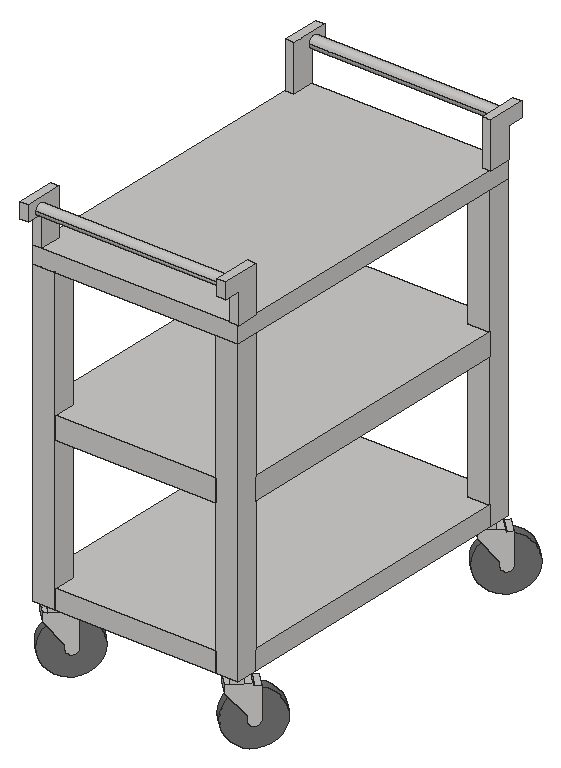
Revit family "QF_Vollrath_97112", category Specialty Equipment, Revit 2016
Family settings
  Part Type = Normal
  Round Connector Dimension = Use Diameter
  OmniClass Number = 23.40.40.14.17
  OmniClass Title = Food Cooking Equipment
  Work Plane-Based = No
  Always vertical = Yes
  Cut with Voids When Loaded = No
  Shared = No
  Room Calculation Point = No
Parameters (values of type "97112")
  Width [instance] = 18.50"
  Weight in Pounds = 47.5
  Watermarked By = "http://revitwatermark.com"
  URL Cutsheet = ""
  URL = ""
  Status [instance] = ""
  Specification by User [instance] = ""
  Specification by Manufacturer [instance] = ""
  Serial Number [instance] = ""
  Seismic Rating [instance] = ""
  Revision Code [instance] = ""
  NAFEM Spec ID Number [instance] = ""
  Model = "97112"
  Masterspec = ""
  Manufacturer = "Vollrath"
  Item Number [instance] = "-"
  Installed By [instance] = ""
  Identify Quantity as Lot [instance] = no
  Furnished By [instance] = ""
  Foodservice Equipment Identifier [instance] = yes
  Description = "Cart, Utility"
  Depth [instance] = 39.25"
  CSI MasterFormat = "11 48 13"
  Assembly Code = "E1090320"
Reference planes (in)
  plane 1 "BACK": y = -4.62
  plane 2: z = 0
  plane 3 "LEFT": x = 0
  plane 4 "RIGHT": x = 18.5
  plane 5 "FRONT": y = -35.12
  plane 6: z = 6
  plane 7: z = 7.75
  plane 8: x = 2
  plane 9: y = -6.62
  plane 10: x = 16.5
  plane 11: y = -33.12
  plane 12: y = -19.87
  plane 13: z = 39
  plane 14: x = 0.75
  plane 15: y = -3.15217
  plane 16: y = -36.58783
  plane 17: z = 19.76
  plane 18: z = 21.76
  plane 19: z = 34.84405
  plane 20: z = 33.34405
  plane 21: x = 17.82
  plane 22: x = 9.25
Forms (in)
  Extrusion 1, solid, material "QF_Finishes_Stainless Steel"
    sketch origin (0, 0, 44.59405) x (-1, 0, 0) y (0, -1, 0)
      loop
        line (0, 4.62) -> (0, 35.12) -> (-18.5, 35.12) -> (-18.5, 4.62) -> (0, 4.62)
    from -11.25 to -9.75
  Extrusion 2, solid, material "QF_Finishes_Stainless Steel"
    sketch origin (0, 0, 16.75) x (-1, 0, 0) y (0, -1, 0)
      loop
        line (0, 4.62) -> (0, 6.62) -> (-2, 6.62) -> (-2, 4.62) -> (0, 4.62)
      loop
        line (-16.5, 4.62) -> (-16.5, 6.62) -> (-18.5, 6.62) -> (-18.5, 4.62) -> (-16.5, 4.62)
      loop
        line (-16.5, 33.12) -> (-16.5, 35.12) -> (-18.5, 35.12) -> (-18.5, 33.12) -> (-16.5, 33.12)
      loop
        line (0, 33.12) -> (0, 35.12) -> (-2, 35.12) -> (-2, 33.12) -> (0, 33.12)
    from -10.75 to 16.59405
  Extrusion 3, solid, material "QF_Finishes_Stainless Steel"
    sketch origin (0, 0, 16.75) x (-1, 0, 0) y (0, -1, 0)
      loop
        line (-2, 4.62) -> (-2, 6.62) -> (0, 6.62) -> (0, 33.12) -> (-2, 33.12) -> (-2, 35.12) -> (-16.5, 35.12) -> (-16.5, 33.12) -> (-18.5, 33.12) -> (-18.5, 6.62) -> (-16.5, 6.62) -> (-16.5, 4.62) -> (-2, 4.62)
    from -10.75 to -9
  Extrusion 4, solid, material "QF_Finishes_Stainless Steel"
    sketch origin (0, 0, 16.75) x (-1, 0, 0) y (0, -1, 0)
      loop
        line (-2, 35.12) -> (-16.5, 35.12) -> (-16.5, 33.12) -> (-18.5, 33.12) -> (-18.5, 6.62) -> (-16.5, 6.62) -> (-16.5, 4.62) -> (-2, 4.62) -> (-2, 6.62) -> (0, 6.62) -> (0, 33.12) -> (-2, 33.12) -> (-2, 35.12)
    from 3.01 to 5.01
  Extrusion 5, solid, material "QF_Finishes_Stainless Steel"
    sketch origin (0, -39.74, 0) x (0, -1, 0) y (0, 0, -1)
      loop
        circle (-4.42092, -38.15325) r 0.5
    from 0.75294 to 17.82
  Extrusion 6, solid, material "QF_Finishes_Stainless Steel"
    sketch origin (0, -39.74, 0) x (0, -1, 0) y (0, 0, -1)
      loop
        line (-4.62, -34.84405) -> (-6.62, -34.84405) -> (-6.62, -39) -> (-3.15217, -39) -> (-3.15217, -37.59405) -> (-4.62, -37.59405) -> (-4.62, -34.84405)
    from 0 to 0.75
  Extrusion 7, solid, material "QF_Finishes_Stainless Steel"
    sketch origin (18.57, -39.74, 0) x (0, -1, 0) y (0, 0, 1)
      loop
        line (-4.62, 34.84405) -> (-4.62, 37.59405) -> (-3.15217, 37.59405) -> (-3.15217, 39) -> (-6.62, 39) -> (-6.62, 34.84405) -> (-4.62, 34.84405)
    from 0 to 0.75
  Extrusion 8, solid, material "QF_Finishes_Stainless Steel"
    sketch origin (0, 0, 0) x (0, 1, 0) y (0, 0, 1)
      loop
        circle (-4.42092, 38.15325) r 0.5
    from 0.75294 to 17.82
  Extrusion 9, solid, material "QF_Finishes_Stainless Steel"
    sketch origin (0, 0, 0) x (0, 1, 0) y (0, 0, 1)
      loop
        line (-4.62, 34.84405) -> (-4.62, 37.59405) -> (-3.15217, 37.59405) -> (-3.15217, 39) -> (-6.62, 39) -> (-6.62, 34.84405) -> (-4.62, 34.84405)
    from 0 to 0.75
  Extrusion 10, solid, material "QF_Finishes_Stainless Steel"
    sketch origin (18.57, 0, 0) x (0, 1, 0) y (0, 0, -1)
      loop
        line (-4.62, -34.84405) -> (-6.62, -34.84405) -> (-6.62, -39) -> (-3.15217, -39) -> (-3.15217, -37.59405) -> (-4.62, -37.59405) -> (-4.62, -34.84405)
    from 0 to 0.75
Lines and regions (in)
  symbolic lines
    curve 1: line (0, -4.62, 16.75) -> (0, -35.12, 16.75)
    curve 2: line (18.5, -36.58783, 16.75) -> (18.5, -4.62, 16.75)
    curve 3: line (18.5, -36.58783, 16.75) -> (17.81706, -36.58783, 16.75)
    curve 4: line (17.81706, -36.58783, 16.75) -> (17.81706, -35.81908, 16.75)
    curve 5: line (17.81706, -35.81908, 16.75) -> (0.75294, -35.81908, 16.75)
    curve 6: line (0.75294, -35.81908, 16.75) -> (0.75294, -36.58783, 16.75)
    curve 7: line (0.75294, -36.58783, 16.75) -> (0, -36.58783, 16.75)
    curve 8: line (0, -36.58783, 16.75) -> (0, -35.12, 16.75)
    curve 9: line (0.71187, -35.12, 16.75) -> (0.71187, -34.81908, 16.75)
    curve 10: line (0.71187, -34.81908, 16.75) -> (17.81706, -34.81908, 16.75)
    curve 11: line (17.81706, -34.81908, 16.75) -> (17.81706, -35.12, 16.75)
    curve 12: line (17.81706, -35.12, 16.75) -> (0.71187, -35.12, 16.75)
    curve 13: line (18.5, -4.62, 16.75) -> (18.5, -3.15217, 16.75)
    curve 14: line (18.5, -3.15217, 16.75) -> (17.81706, -3.15217, 16.75)
    curve 15: line (17.81706, -3.15217, 16.75) -> (17.81706, -3.92092, 16.75)
    curve 16: line (17.81706, -3.92092, 16.75) -> (0.75294, -3.92092, 16.75)
    curve 17: line (0.75294, -3.92092, 16.75) -> (0.75294, -3.15217, 16.75)
    curve 18: line (0.75294, -3.15217, 16.75) -> (0, -3.15217, 16.75)
    curve 19: line (0, -3.15217, 16.75) -> (0, -4.62, 16.75)
    curve 20: line (0.75, -4.62, 16.75) -> (0.75, -4.92092, 16.75)
    curve 21: line (0.75, -4.92092, 16.75) -> (17.81706, -4.92092, 16.75)
    curve 22: line (17.81706, -4.92092, 16.75) -> (17.81706, -4.62, 16.75)
    curve 23: line (17.81706, -4.62, 16.75) -> (0.75, -4.62, 16.75)
Dimensions and locks (in)
  "Width": plane 3 "LEFT" to plane 4 "RIGHT"
  plane 9 to plane 1 "BACK" = 2.00"
  locked: plane 5 "FRONT" to plane 11 at 2
  plane 3 "LEFT" to plane 8 = 2.00"
  locked: plane 10 to plane 4 "RIGHT" at 2
  plane 5 "FRONT" to plane 1 "BACK" = 30.50"
  plane 13 to level = 39.00"
  equal spacing: plane 1 "BACK", plane 12, plane 5 "FRONT"
  plane 7 to plane 6 = 1.75"
  level to Extrusion 3 = 7.75"
  locked: plane 18 to plane 17 at 2
  plane 17 to plane 7 = 12.01"
  plane 19 to plane 20 = 1.50"
  equal spacing: plane 4 "RIGHT", plane 22, plane 3 "LEFT"
  plane 16 to plane 15 = 33.43567"
  aligned and locked: level to plane 2
  aligned and locked: Extrusion 2 sketch curve to plane 9  (x2)
  aligned and locked: Extrusion 2 sketch curve to plane 8  (x2)
  aligned and locked: plane 1 "BACK" to Extrusion 2 sketch curve
  aligned and locked: plane 10 to Extrusion 2 sketch curve  (x2)
  aligned and locked: Extrusion 2 sketch curve to plane 4 "RIGHT"
  aligned and locked: plane 11 to Extrusion 2 sketch curve  (x2)
  aligned and locked: plane 3 "LEFT" to Extrusion 2 sketch curve
  aligned and locked: Extrusion 2 sketch curve to plane 5 "FRONT"
  aligned and locked: plane 7 to Extrusion 3
  aligned and locked: Extrusion 3 to plane 6
  aligned and locked: plane 18 to Extrusion 4
  aligned and locked: Extrusion 4 to plane 17
  aligned and locked: Extrusion 1 to Extrusion 2
  aligned and locked: Extrusion 1 to plane 20
Automatic sketch dimensions
  plane 1 "BACK" to curve 13 = 0.00"
  curve 13 to plane 4 "RIGHT" = 0.00"
  plane 15 to curve 15 = 0.00"
  plane 1 "BACK" to curve 23 = 0.00"
  curve 4 to plane 16 = 0.00"
  plane 5 "FRONT" to curve 12 = 0.00"
  plane 15 to curve 17 = 0.00"
  curve 7 to plane 16 = 0.00"
  curve 21 to plane 14 = 0.00"
  curve 19 to plane 3 "LEFT" = 0.00"
  plane 1 "BACK" to curve 19 = 0.00"
  plane 5 "FRONT" to curve 8 = 0.00"
  curve 4 to plane 21 = 0.00294"
  curve 15 to plane 21 = 0.00294"
  curve 23 to plane 21 = 0.00294"
  curve 10 to plane 21 = 0.00294"
  plane 14 to curve 16 = 0.00294"
  plane 14 to curve 7 = 0.00294"
  curve 9 to plane 14 = 0.03813"
  curve 16 to plane 1 "BACK" = 0.69908"
  curve 20 to curve 21 = 0.30092"
  curve 9 to plane 5 "FRONT" = 0.30092"
  plane 5 "FRONT" to curve 5 = 0.69908"
  plane 1 "BACK" to Extrusion 1 sketch curve = 0.00"
  Extrusion 1 sketch curve to plane 4 "RIGHT" = 0.00"
  Extrusion 1 sketch curve to plane 3 "LEFT" = 0.00"
  plane 5 "FRONT" to Extrusion 1 sketch curve = 0.00"
  Extrusion 2 sketch curve to plane 4 "RIGHT" = 0.00"
  Extrusion 2 sketch curve to plane 3 "LEFT" = 0.00"
  plane 1 "BACK" to Extrusion 2 sketch curve = 0.00"
  plane 5 "FRONT" to Extrusion 2 sketch curve = 0.00"
  Extrusion 3 sketch curve to plane 4 "RIGHT" = 0.00"
  Extrusion 3 sketch curve to plane 10 = 0.00"  (x2)
  plane 1 "BACK" to Extrusion 3 sketch curve = 0.00"
  Extrusion 3 sketch curve to plane 8 = 0.00"  (x2)
  plane 5 "FRONT" to Extrusion 3 sketch curve = 0.00"
  Extrusion 3 sketch curve to plane 3 "LEFT" = 0.00"
  plane 9 to Extrusion 3 sketch curve = 0.00"  (x2)
  plane 11 to Extrusion 3 sketch curve = 0.00"  (x2)
  Extrusion 4 sketch curve to plane 4 "RIGHT" = 0.00"
  Extrusion 4 sketch curve to plane 10 = 0.00"  (x2)
  plane 9 to Extrusion 4 sketch curve = 0.00"  (x2)
  plane 1 "BACK" to Extrusion 4 sketch curve = 0.00"
  Extrusion 4 sketch curve to plane 8 = 0.00"  (x2)
  Extrusion 4 sketch curve to plane 3 "LEFT" = 0.00"
  plane 11 to Extrusion 4 sketch curve = 0.00"  (x2)
  plane 5 "FRONT" to Extrusion 4 sketch curve = 0.00"
  Extrusion 5 sketch curve to plane 5 "FRONT" = 0.19908"
  plane 13 to Extrusion 5 sketch curve = 0.84675"
  Extrusion 6 sketch curve to plane 11 = 0.00"
  Extrusion 6 sketch curve to plane 5 "FRONT" = 0.00"
  Extrusion 6 sketch curve to plane 16 = 0.00"
  Extrusion 6 sketch curve to plane 19 = 0.00"
  Extrusion 6 sketch curve to plane 13 = 0.00"
  plane 13 to Extrusion 6 sketch curve = 1.40595"
  Extrusion 7 sketch curve to plane 11 = 0.00"
  Extrusion 7 sketch curve to plane 5 "FRONT" = 0.00"
  Extrusion 7 sketch curve to plane 16 = 0.00"
  Extrusion 7 sketch curve to plane 19 = 0.00"
  Extrusion 7 sketch curve to plane 13 = 0.00"
  Extrusion 7 sketch curve to plane 13 = 1.40595"
  Extrusion 8 sketch curve to plane 1 "BACK" = 0.19908"
  Extrusion 8 sketch curve to plane 13 = 0.84675"
  Extrusion 9 sketch curve to plane 9 = 0.00"
  Extrusion 9 sketch curve to plane 1 "BACK" = 0.00"
  Extrusion 9 sketch curve to plane 15 = 0.00"
  Extrusion 9 sketch curve to plane 19 = 0.00"
  Extrusion 9 sketch curve to plane 13 = 0.00"
  Extrusion 9 sketch curve to plane 13 = 1.40595"
  Extrusion 10 sketch curve to plane 9 = 0.00"
  Extrusion 10 sketch curve to plane 1 "BACK" = 0.00"
  Extrusion 10 sketch curve to plane 15 = 0.00"
  Extrusion 10 sketch curve to plane 13 = 0.00"
  Extrusion 10 sketch curve to plane 19 = 0.00"
  Extrusion 10 sketch curve to plane 13 = 1.40595"
  radius of Extrusion 5 sketch curve = 0.50"
  radius of Extrusion 8 sketch curve = 0.50"
Nested families (in)
  nested 1: "FESCaster" at (1.25, -5.60981, 0), type "FESCaster"
    with Height 6.00", Caster Radius 2.50"
  nested 2: "FESCaster" at (17.5, -5.60981, 0), type "FESCaster"
    with Height 6.00", Caster Radius 2.50"
  nested 3: "FESCaster" at (17.5, -34.11977, 0), type "FESCaster"
    with Height 6.00", Caster Radius 2.50"
  nested 4: "FESCaster" at (1, -34.11977, 0), type "FESCaster"
    with Height 6.00", Caster Radius 2.50"
Definition of nested family "FESCaster"
  Parameters
    Watermarked By = "http://revitwatermark.com"
    Type Comments = "⍁⍉⌁⌀⏭⎽⌇⍠⌜⍉⎖⌥⌦⌯⍭⏊⍻⍿⍊⏵⍊⏗⏠⍴⎡⌈⎀⍠⌓⌤⏘⎐⍀⌐⏬⏁⎈⏍⏦⎒⏬⌝⍩⍇⌣〈⎫〉⎁⏊⍥⍖⍥⍝⍦⌖⍀⏌⏭⎝⎼⏷⏞⍻⏯⎽⏷⏞⍻⏯⎽⏷⎺⌻⎝⍎⌧⏷⏟⏿⌿⍜⍦⍤⌁⍬⏶⏎⍊⏚⏉⎞⌡⎀⎪⏈⌟⌿⍾⍼⌟⌿⌢⌞⏞⏝⌻⎸⎻⎷⎳⎻⎛⌞⌼⏚⍿⏸⍨⏷⍡⍺⏼⏅⎏⌽⌻⍽⎝⍮⎧⍏⏳⏲⎼⏈⏋⏙⎏⏽⏘⍹⏞⌜⏼⍴⏶⏮⏿⌁"
    Height [instance] = 6.00"
    Caster Radius [instance] = if(Height < 3.00", 1.00", (Height / 2) - 0.50")  # 2.50"
    Assembly Code = ""
  Reference planes (in)
    plane 1 "Center (Front/Back)": y = 0
    plane 2: z = 0
    plane 3 "Center (Left/Right)": x = 0
    plane 4: z = 6
    plane 5: z = 5.5
  Forms (in)
    Extrusion 1, solid
      sketch origin (-24.12131, -22.88887, 10.18833) x (0.707107, 0.707107, 0) y (0, 0, 1)
        loop
          line (34.98772, -7.68833) -> (34.98772, -4.93833) -> (34.48772, -4.93833) -> (34.39402, -4.68833) -> (32.39402, -4.68833) -> (32.39402, -5.43833) -> (33.98772, -7.34206) -> (33.98772, -7.68833)
          arc (33.98772, -7.68833) -> (34.48772, -8.18833) -> (34.98772, -7.68833) r 0.5
      from 0 to 1.75
    Extrusion 2, solid
      sketch origin (-24.32327, -23.09083, 13.31461) x (0.707107, 0.707107, 0) y (0, 0, 1)
        loop
          circle (34.77334, -10.81461) r 2.5
      from 0.375 to 1.375
    Extrusion 3, solid
      sketch origin (-7.24148, -8.48391, 0) x (0.707107, 0.707107, 0) y (0, 0, 1)
        loop
          line (10.61603, 5.5) -> (11.61603, 5.5) -> (11.61603, 6) -> (10.61603, 6) -> (10.61603, 5.5)
      from 0 to -1.75
  Lines and regions (in)
    symbolic lines
      curve 1: line (-1.26158, -0.51911, 0) -> (1.39007, 2.13254, 0)
      curve 2: line (-0.53429, -1.24639, 0) -> (2.11736, 1.40526, 0)
      curve 3: line (-1.26158, -0.51911, 0) -> (1.39007, 2.13254, 0)
      curve 4: line (-0.53429, -1.24639, 0) -> (2.11736, 1.40526, 0)
  Dimensions and locks (in)
    locked: plane 4 to plane 5 at 0.5
    "Height": plane 4 to level
    "Caster Radius": Extrusion 2 sketch curve to level
    "Caster Radius": Extrusion 1 sketch curve to level
    "Caster Radius": radius of Extrusion 2 sketch curve
    aligned and locked: plane 2 to level
    aligned and locked: Extrusion 3 to plane 5
    aligned and locked: plane 4 to Extrusion 3
    aligned and locked: plane 5 to Extrusion 1
  Automatic sketch dimensions
    plane 1 "Center (Front/Back)" to curve 3 = 0.51911"
    curve 3 to plane 3 "Center (Left/Right)" = 1.26158"
    plane 1 "Center (Front/Back)" to curve 1 = 0.51911"
    curve 1 to curve 3 = 0.00"  (x3)
    curve 4 to plane 3 "Center (Left/Right)" = 0.53429"
    curve 2 to curve 4 = 0.00"  (x2)
    plane 3 "Center (Left/Right)" to curve 3 = 1.39007"
    curve 1 to curve 4 = 0.72729"
    curve 2 to curve 1 = 0.72729"
    curve 4 to curve 2 = 0.00"  (x2)
    curve 2 to plane 1 "Center (Front/Back)" = 1.40526"
    curve 2 to curve 3 = 0.72729"
    plane 5 to Extrusion 1 sketch curve = 0.00"
    Extrusion 1 sketch curve to Extrusion 1 sketch curve = 1.5937"
    Extrusion 1 sketch curve to Extrusion 1 sketch curve = 2.00"
    Extrusion 1 sketch curve to Extrusion 1 sketch curve = 0.0937"
    Extrusion 1 sketch curve to Extrusion 1 sketch curve = 0.50"
    Extrusion 1 sketch curve to Extrusion 1 sketch curve = 0.34627"
    Extrusion 1 sketch curve to plane 5 = 0.75"
    Extrusion 1 sketch curve to plane 5 = 0.25"
    Extrusion 3 sketch curve to plane 5 = 0.00"
    plane 4 to Extrusion 3 sketch curve = 0.00"
    Extrusion 3 sketch curve to Extrusion 3 sketch curve = 1.00"
